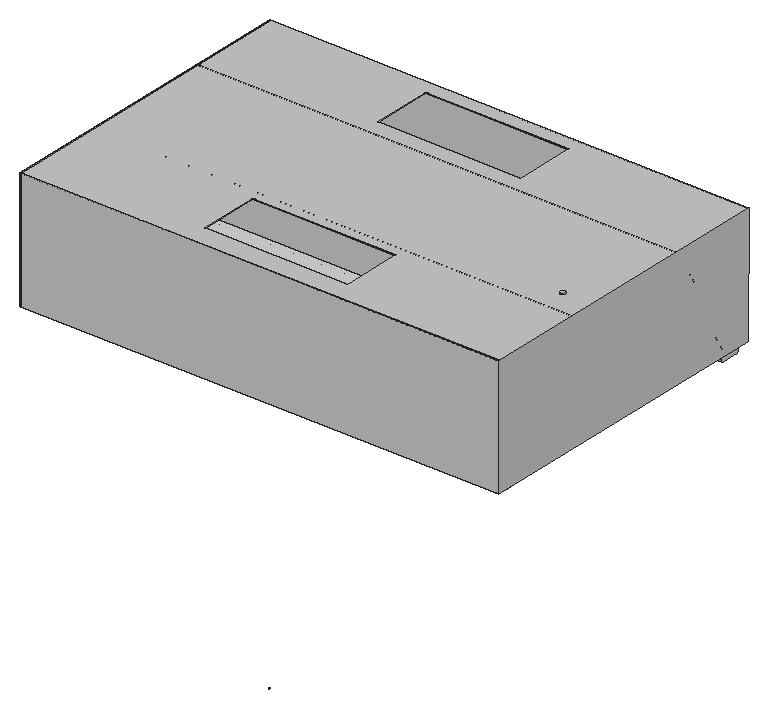
Revit family "QF_ELECTROLUXPROFESSIONAL_640229_STPF1320", category Attrezzature speciali, Revit 2021
Family settings
  Quota connettore circolare = Usa diametro
  Tipo di parte = Normale
  Basato su piano di lavoro = No
  Sempre verticale = Sì
  Taglio con vuoti quando caricato = No
  Condiviso = No
  Punto di calcolo locali = No
Parameters (values of type "Standard")
  Weight = 133.00 kg
  Watts = 160 W
  Volts = 220 V
  URL Manufacturer = "https://www.electroluxprofessional.com/"
  URL = "https://www.electroluxprofessional.com/"
  Steam Supply Size = 0 mm
  Steam Supply Minimum Pressure = 0.0 Pa
  Steam Supply Maximum Pressure = 0.0 Pa
  Steam Consumption per Hour = 0
  Refrigeration Suction Line Size = 0 mm
  Refrigeration Liquid Line Size = 0 mm
  Refrigerant Compressor Remote = yes
  Prospetto di default = 0 mm
  Produttore = "Electrolux Professional"
  Phase = 1
  Modello = "STPF1320"
  Length Actual = 2000 mm  # constant formula
  Item Number = "640229"
  Hot Water Size = 0 mm
  Height Actual = 500 mm  # constant formula
  HP = "0.2 HP"
  Gas Size = 0 mm
  Gas KW = 0
  Gas Input Pressure = 0 W
  Direct Waste Size = 0 mm
  Descrizione = "304 S/S WALL HOOD+FILTERS+LAMPS 200X130"
  Depth Actual = 1300 mm  # constant formula
  Cycle = 50 Hz
  Condensate Return Size = 0 mm
  Compressed Air Volume = 0.0 L/s
  Compressed Air Size = 0 mm
  Compressed Air Pressure = 0.0 Pa
  Cold Water Size = 0 mm
  Accessory = yes
Reference planes
  plane 1: z = 0
  plane 2 "Center (Left/Right)": x = 150
  plane 3 "LEFT": x = -850
  plane 4 "RIGHT": x = 1150
  plane 5 "BACK": y = 550
  plane 6 "TOP": z = 2500
  plane 7 "Base": z = 2000
  plane 8: z = 1955
  plane 9 "DrainY": y = 490
  plane 10: x = -847
  plane 11 "DrainX": x = 1030
  plane 12 "AOLeft2": x = 450
  plane 13: x = 1147
  plane 14: x = -650
  plane 15: x = 950
  plane 16 "Center (Front/Back)": y = -100
  plane 17 "Front": y = -750
  plane 18 "AOLeft1": x = -150
  plane 19: y = -664
  plane 20: y = -414
  plane 21: y = 240
  plane 22: y = 490
  plane 23 "EI_y": y = -270
  plane 24 "EIx": x = 1030
Forms (mm)
  Extrusion 1, solid, material "QF_Finishes_Stainless Steel"
    sketch origin (-850, 0, 360) x (0, 1, 0) y (0, 0, 1)
      loop
        line (550, 1640) -> (550, 2140) -> (-750, 2140) -> (-750, 1640) -> (550, 1640)
    from 0 to 3
  Extrusion 2, solid, material "QF_Finishes_Stainless Steel"
    sketch origin (1150, 0, 360) x (0, 1, 0) y (0, 0, 1)
      loop
        line (550, 1640) -> (550, 2140) -> (-750, 2140) -> (-750, 1640) -> (550, 1640)
    from 0 to -3
  Extrusion 3, solid, material "QF_Finishes_Stainless Steel"
    sketch origin (150, 0, 360) x (0, 1, 0) y (0, 0, 1)
      loop
        line (-750, 2140) -> (-750, 1640) -> (-740, 1640) -> (-740, 1640.8) -> (-749.2, 1640.8) -> (-749.2, 2139.19) -> (549.2, 2139.19) -> (549.2, 1640.8) -> (540, 1640.8) -> (540, 1640) -> (550, 1640) -> (550, 2140) -> (-750, 2140)
    from -1000 to 1000
  Extrusion 4, solid, material "QF_Finishes_Stainless Steel"
    sketch origin (0, 0, 2000) x (0, 1, 0) y (-1, 0, 0)
      loop
        circle (490, -1030) r 4.763
    from -30 to 0
  Extrusion 5, void
    sketch origin (0, 0, 2500) x (0, 1, 0) y (-1, 0, 0)
      loop
        line (-414, -450) -> (-414, 150) -> (-664, 150) -> (-664, -450) -> (-414, -450)
    from 0 to -10
  Extrusion 6, solid, material "QF_Finishes_Stainless Steel"
    sketch origin (0, 0, 0) x (1, 0, 0) y (0, 1, 0)
      loop
        line (-850, 550) -> (-850, 549) -> (-849, 549) -> (-849, 550) -> (-850, 550)
    from 0 to 1
  Extrusion 7, solid, material "QF_LAMPS"
    sketch origin (150, 0, 360) x (0, 1, 0) y (0, 0, 1)
      loop
        line (-372.823, 1962.324) -> (-218.948, 2086.929) -> (-227.129, 2097.032) -> (-381.003, 1972.426) -> (-372.823, 1962.324)
    from 997 to -997
  Extrusion 8, solid, material "QF_Finishes_Stainless Steel"
    sketch origin (150, 0, 360) x (0, 1, 0) y (0, 0, 1)
      loop
        line (-750, 2139.19) -> (-750, 1640) -> (-686.602, 1640) -> (-599.146, 1690.493) -> (-610.058, 1709.394) -> (-666.564, 1676.77) -> (-714.704, 1680.982) -> (-749.2, 1730.248) -> (-749.2, 2139.19) -> (-750, 2139.19)
      loop
        line (-373.6, 1961.694) -> (-381.937, 1971.99) -> (-369.095, 1982.182) -> (-369.095, 2139.19) -> (-369.895, 2139.19) -> (-369.895, 1982.569) -> (-682.298, 1734.63) -> (-671.091, 1720.79) -> (-373.6, 1961.694)
      loop
        line (-227.61, 2099.216) -> (-218.171, 2087.559) -> (-154.411, 2139.19) -> (-155.682, 2139.19) -> (-218.052, 2088.684) -> (-226.989, 2099.719) -> (-227.61, 2099.216)
    from -997 to 997
  Sweep 9, solid, material "QF_Finishes_Stainless Steel"
    path origin (0, 0, 0) x (1, 0, 0) y (0, 1, 0)
      loop
        line (1150, 550) -> (-850, 550) -> (-850, -750) -> (1150, -750) -> (1150, 550)
    profile origin (1150, -100, 0) x (1, 0, 0) y (0, 0, 1)
      loop
        line (-3, 2000) -> (-3, 2000.8) -> (-19, 2000.8) -> (-19, 2010) -> (-20, 2010) -> (-20, 2000) -> (-3, 2000)
  Extrusion 10, solid, material "QF_Finishes_Stainless Steel"
    sketch origin (150, 0, 0) x (0, 1, 0) y (0, 0, 1)
      loop
        line (414.66, 2095.469) -> (440.643, 2110.471) -> (261.744, 2411.771) -> (235.948, 2396.455) -> (414.66, 2095.469)
    from -997 to -800
  Extrusion 11, solid, material "QF_Finishes_Stainless Steel"
    sketch origin (1030, 0, 0) x (0, 1, 0) y (0, 0, 1)
      loop
        line (539, 2000) -> (441, 2000) -> (441, 1989) -> (448.5, 1989) -> (448.5, 1965)
        arc (448.5, 1965) -> (451.429, 1957.929) -> (458.5, 1955) r 10
        line (458.5, 1955) -> (521.5, 1955)
        arc (521.5, 1955) -> (528.571, 1957.929) -> (531.5, 1965) r 10
        line (531.5, 1965) -> (531.5, 1989) -> (539, 1989) -> (539, 2000)
    from 90 to -90
  Extrusion 12, solid, material "QF_Finishes_Stainless Steel"
    sketch origin (150, 0, 360) x (0, 1, 0) y (0, 0, 1)
      loop
        line (-750, 2139.19) -> (-750, 1640) -> (-686.602, 1640) -> (-599.146, 1690.493) -> (-610.058, 1709.394) -> (-666.564, 1676.77) -> (-714.704, 1680.982) -> (-749.2, 1730.248) -> (-749.2, 2139.19) -> (-750, 2139.19)
      loop
        line (-373.6, 1961.694) -> (-381.937, 1971.99) -> (-369.095, 1982.182) -> (-369.095, 2139.19) -> (-369.895, 2139.19) -> (-369.895, 1982.569) -> (-682.298, 1734.63) -> (-671.091, 1720.79) -> (-373.6, 1961.694)
      loop
        line (-227.61, 2099.216) -> (-218.171, 2087.559) -> (-154.411, 2139.19) -> (-155.682, 2139.19) -> (-218.052, 2088.684) -> (-226.989, 2099.719) -> (-227.61, 2099.216)
    from -997 to 997
  Extrusion 13, solid, material "QF_Finishes_Stainless Steel"
    sketch origin (150, 0, 0) x (0, 1, 0) y (0, 0, 1)
      loop
        line (414.66, 2095.469) -> (440.643, 2110.471) -> (261.744, 2411.771) -> (235.948, 2396.455) -> (414.66, 2095.469)
    from 800 to 997
  Extrusion 14, solid, material "QF_Finished_Chrome"
    sketch origin (150, 0, 0) x (0, 1, 0) y (0, 0, 1)
      loop
        line (414.66, 2095.469) -> (440.643, 2110.471) -> (261.744, 2411.771) -> (235.948, 2396.455) -> (414.66, 2095.469)
    from -800 to 800
  Extrusion 15, void
    sketch origin (0, 1180, 2500) x (0, 1, 0) y (-1, 0, 0)
      loop
        line (-690, -450) -> (-690, 150) -> (-940, 150) -> (-940, -450) -> (-690, -450)
    from 0 to -10
  Extrusion 16, solid, material "QF_Finishes_Stainless Steel"
    sketch origin (0, 0, 2500) x (0, 1, 0) y (-1, 0, 0)
      loop
        circle (-270, -1030) r 10
    from 0 to 1.6
  Extrusion 17, solid, material "QF_Finishes_Stainless Steel"
    sketch origin (150, 0, 360) x (0, 1, 0) y (0, 0, 1)
      loop
        line (430.005, 1640) -> (540, 1640) -> (540, 1640.8) -> (430.467, 1640.8) -> (371.906, 1742.23) -> (414.858, 1734.657) -> (442.266, 1750.481) -> (442.266, 1765.943) -> (441.466, 1765.943) -> (441.466, 1750.943) -> (414.709, 1735.495) -> (321.153, 1751.991) -> (320.875, 1750.416) -> (371.4, 1741.507) -> (430.005, 1640)
      loop
        line (172.529, 2139.19) -> (242.893, 2017.316) -> (245.133, 2018.715) -> (240.13, 2027.381) -> (238.569, 2026.405) -> (173.453, 2139.19) -> (172.529, 2139.19)
    from -997 to 997
Cuts and joins
  Extrusion 5, Extrusion 15 cuts Extrusion 3
  joined: Extrusion 2, Extrusion 3, Sweep 9
Lines and regions (mm)
  symbolic lines, style "SpecialityEquipment", detail levels coarse
    curve 1: line (1150, 550, 2500) -> (-850, 550, 2500)
    curve 2: line (-850, 550, 2500) -> (-850, -750, 2500)
    curve 3: line (1150, -750, 2500) -> (1150, 550, 2500)
    curve 4: line (-850, 550, 0) -> (1150, -750, 0)
    curve 5: line (1150, 550, 0) -> (-850, -750, 0)
    curve 6: line (-850, -750, 0) -> (1150, -750, 0)
    curve 7: line (450, -414, 0) -> (-150, -414, 0)
    curve 8: line (450, -664, 0) -> (450, -414, 0)
    curve 9: line (-150, -664, 0) -> (450, -664, 0)
    curve 10: line (-150, -414, 0) -> (-150, -664, 0)
  symbolic lines, detail levels coarse
    curve 11: line (-150, 240, 2500) -> (450, 240, 2500)
    curve 12: line (-150, 490, 2500) -> (-150, 240, 2500)
    curve 13: line (450, 490, 2500) -> (-150, 490, 2500)
    curve 14: line (450, 240, 2500) -> (450, 490, 2500)
Dimensions and locks
  plane 3 "LEFT" to plane 4 "RIGHT" = 2000 mm
  equal spacing: plane 3 "LEFT", plane 2 "Center (Left/Right)", plane 4 "RIGHT"
  plane 7 "Base" to plane 8 = 45 mm
  plane 5 "BACK" to plane 9 "DrainY" = 60 mm  (x2)
  plane 3 "LEFT" to plane 10 = 3 mm
  plane 11 "DrainX" to plane 4 "RIGHT" = 120 mm
  plane 13 to plane 4 "RIGHT" = 3 mm
  plane 3 "LEFT" to plane 14 = 200 mm
  plane 15 to plane 4 "RIGHT" = 200 mm
  locked: plane 7 "Base" to level at 2000
  locked: plane 6 "TOP" to plane 7 "Base" at 500
  locked: plane 5 "BACK" to plane 17 "Front" at 1300
  equal spacing: plane 5 "BACK", plane 16 "Center (Front/Back)", plane 17 "Front"
  locked: plane 20 to plane 19 at 250
  plane 19 to plane 17 "Front" = 86 mm
  locked: plane 22 to plane 21 at 250
  plane 5 "BACK" to plane 22 = 60 mm
  locked: plane 23 "EI_y" to plane 17 "Front" at 480
  locked: plane 24 "EIx" to plane 4 "RIGHT" at 120
  locked: plane 18 "AOLeft1" to plane 12 "AOLeft2" at 600
  equal spacing: plane 18 "AOLeft1", plane 2 "Center (Left/Right)", plane 12 "AOLeft2"
  plane 5 "BACK" to plane 17 "Front" = 1300 mm
  aligned and locked: level to plane 1
  aligned and locked: plane 4 "RIGHT" to Extrusion 3
  aligned and locked: Extrusion 3 to plane 3 "LEFT"
  aligned and locked: Extrusion 2 to plane 13
  aligned and locked: Extrusion 10 to plane 10
  aligned and locked: Extrusion 8 to plane 10
  aligned and locked: plane 13 to Extrusion 8
  aligned and locked: Extrusion 5 to plane 18 "AOLeft1"
  aligned and locked: Extrusion 5 to plane 12 "AOLeft2"
  aligned and locked: plane 14 to Extrusion 10
  aligned and locked: plane 15 to Extrusion 13
  aligned and locked: plane 13 to Extrusion 13
  aligned and locked: Extrusion 14 to plane 14
  aligned and locked: Extrusion 14 to plane 15
  aligned and locked: plane 13 to Extrusion 7
  aligned and locked: Extrusion 7 to plane 10
  aligned and locked: Extrusion 15 to plane 21
  aligned and locked: plane 22 to Extrusion 15
  aligned and locked: Extrusion 15 to plane 18 "AOLeft1"
  aligned and locked: Extrusion 15 to plane 12 "AOLeft2"
  aligned and locked: Extrusion 17 to plane 10
  aligned and locked: plane 13 to Extrusion 17
  aligned and locked: plane 13 to Extrusion 12
  aligned and locked: Extrusion 12 to plane 10
  aligned and locked: cut or joined group of Extrusion 2, Extrusion 3, Extrusion 5, Sweep 9, Extrusion 15 to curve 7
  aligned and locked: cut or joined group of Extrusion 2, Extrusion 3, Extrusion 5, Sweep 9, Extrusion 15 to plane 19
  aligned and locked: curve 9 to plane 19
Automatic sketch dimensions
  curve 6 to plane 3 "LEFT" = 0 mm
  curve 4 to plane 3 "LEFT" = 0 mm
  curve 10 to plane 18 "AOLeft1" = 0 mm
  curve 8 to plane 12 "AOLeft2" = 0 mm
  curve 5 to plane 4 "RIGHT" = 0 mm
  curve 6 to plane 4 "RIGHT" = 0 mm
  curve 4 to plane 17 "Front" = 0 mm
  curve 4 to plane 5 "BACK" = 0 mm
  curve 5 to plane 5 "BACK" = 0 mm
  curve 2 to plane 3 "LEFT" = 0 mm
  curve 2 to plane 17 "Front" = 0 mm
  curve 3 to plane 4 "RIGHT" = 0 mm
  curve 3 to plane 17 "Front" = 0 mm
  curve 2 to plane 5 "BACK" = 0 mm
  Extrusion 1 sketch curve to plane 7 "Base" = 0 mm
  Extrusion 1 sketch curve to plane 17 "Front" = 0 mm
  Extrusion 1 sketch curve to plane 5 "BACK" = 0 mm
  Extrusion 1 sketch curve to plane 6 "TOP" = 0 mm
  Extrusion 2 sketch curve to plane 7 "Base" = 0 mm
  Extrusion 2 sketch curve to plane 17 "Front" = 0 mm
  Extrusion 2 sketch curve to plane 5 "BACK" = 0 mm
  Extrusion 2 sketch curve to plane 6 "TOP" = 0 mm
  Extrusion 3 sketch curve to plane 6 "TOP" = 0 mm
  Extrusion 3 sketch curve to plane 17 "Front" = 0 mm
  Extrusion 3 sketch curve to plane 7 "Base" = 0 mm  (x2)
  Extrusion 3 sketch curve to plane 5 "BACK" = 0 mm
  plane 17 "Front" to Extrusion 3 sketch curve = 0.8 mm
  Extrusion 3 sketch curve to Extrusion 3 sketch curve = 9.2 mm
  plane 7 "Base" to Extrusion 3 sketch curve = 0.8 mm  (x2)
  Extrusion 3 sketch curve to plane 5 "BACK" = 10 mm
  Extrusion 3 sketch curve to plane 5 "BACK" = 0.8 mm
  Extrusion 3 sketch curve to plane 6 "TOP" = 0.81 mm
  Extrusion 4 sketch curve to plane 9 "DrainY" = 0 mm
  Extrusion 4 sketch curve to plane 11 "DrainX" = 0 mm
  Extrusion 5 sketch curve to plane 12 "AOLeft2" = 0 mm
  Extrusion 5 sketch curve to plane 18 "AOLeft1" = 0 mm
  plane 19 to Extrusion 5 sketch curve = 0 mm
  Extrusion 5 sketch curve to plane 23 "EI_y" = 144 mm
  Extrusion 6 sketch curve to plane 3 "LEFT" = 0 mm
  Extrusion 6 sketch curve to plane 5 "BACK" = 0 mm
  plane 3 "LEFT" to Extrusion 6 sketch curve = 1 mm
  Extrusion 6 sketch curve to Extrusion 6 sketch curve = 1 mm
  plane 20 to Extrusion 7 sketch curve = 32.997 mm
  Extrusion 7 sketch curve to Extrusion 7 sketch curve = 8.181 mm  (x2)
  plane 23 "EI_y" to Extrusion 7 sketch curve = 42.871 mm
  Extrusion 7 sketch curve to plane 6 "TOP" = 177.676 mm
  Extrusion 7 sketch curve to Extrusion 7 sketch curve = 10.102 mm
  Extrusion 7 sketch curve to plane 6 "TOP" = 53.071 mm
  Extrusion 7 sketch curve to Extrusion 7 sketch curve = 10.103 mm
  Extrusion 8 sketch curve to plane 7 "Base" = 0 mm
  Extrusion 8 sketch curve to plane 17 "Front" = 0 mm
  Extrusion 8 sketch curve to Extrusion 8 sketch curve = 0.8 mm  (x2)
  plane 17 "Front" to Extrusion 8 sketch curve = 35.296 mm
  Extrusion 8 sketch curve to plane 19 = 22.602 mm
  Extrusion 8 sketch curve to plane 19 = 18.298 mm
  Extrusion 8 sketch curve to plane 19 = 7.091 mm
  Extrusion 8 sketch curve to plane 19 = 2.564 mm
  plane 19 to Extrusion 8 sketch curve = 53.942 mm
  Extrusion 8 sketch curve to Extrusion 8 sketch curve = 10.912 mm
  plane 20 to Extrusion 8 sketch curve = 32.063 mm
  Extrusion 8 sketch curve to Extrusion 8 sketch curve = 8.337 mm
  Extrusion 8 sketch curve to Extrusion 8 sketch curve = 12.042 mm
  plane 23 "EI_y" to Extrusion 8 sketch curve = 42.39 mm
  Extrusion 8 sketch curve to Extrusion 8 sketch curve = 0.622 mm
  Extrusion 8 sketch curve to Extrusion 8 sketch curve = 9.44 mm
  Extrusion 8 sketch curve to Extrusion 8 sketch curve = 0.118 mm
  Extrusion 8 sketch curve to plane 6 "TOP" = 0.81 mm  (x3)
  Extrusion 8 sketch curve to plane 16 "Center (Front/Back)" = 55.682 mm
  Extrusion 8 sketch curve to Extrusion 8 sketch curve = 1.271 mm
  plane 7 "Base" to Extrusion 8 sketch curve = 36.77 mm
  plane 7 "Base" to Extrusion 8 sketch curve = 40.982 mm
  plane 7 "Base" to Extrusion 8 sketch curve = 50.493 mm
  Extrusion 8 sketch curve to Extrusion 8 sketch curve = 18.901 mm
  Extrusion 8 sketch curve to Extrusion 8 sketch curve = 44.02 mm
  Extrusion 8 sketch curve to Extrusion 8 sketch curve = 49.266 mm
  Extrusion 8 sketch curve to Extrusion 8 sketch curve = 13.84 mm
  Extrusion 8 sketch curve to plane 6 "TOP" = 178.306 mm
  Extrusion 8 sketch curve to Extrusion 8 sketch curve = 10.296 mm
  Extrusion 8 sketch curve to Extrusion 8 sketch curve = 10.192 mm
  Extrusion 8 sketch curve to Extrusion 8 sketch curve = 0.386 mm
  Extrusion 8 sketch curve to plane 6 "TOP" = 52.441 mm
  Extrusion 8 sketch curve to Extrusion 8 sketch curve = 1.125 mm
  Sweep 9 sketch curve to plane 3 "LEFT" = 0 mm
  Sweep 9 sketch curve to plane 4 "RIGHT" = 0 mm
  Sweep 9 sketch curve to plane 17 "Front" = 0 mm
  Sweep 9 sketch curve to plane 5 "BACK" = 0 mm
  profile plane to Sweep 9 sketch curve = 20 mm
  Sweep 9 sketch curve to Sweep 9 sketch curve = 1 mm
  profile plane to Sweep 9 sketch curve = 3 mm
  level to Sweep 9 sketch curve = 2000 mm
  Sweep 9 sketch curve to Sweep 9 sketch curve = 0.8 mm
  Sweep 9 sketch curve to Sweep 9 sketch curve = 9.2 mm
  Extrusion 10 sketch curve to plane 21 = 4.052 mm
  plane 21 to Extrusion 10 sketch curve = 21.744 mm
  Extrusion 10 sketch curve to plane 9 "DrainY" = 75.34 mm
  Extrusion 10 sketch curve to Extrusion 10 sketch curve = 25.983 mm
  plane 7 "Base" to Extrusion 10 sketch curve = 95.469 mm
  Extrusion 10 sketch curve to Extrusion 10 sketch curve = 15.001 mm
  Extrusion 10 sketch curve to plane 6 "TOP" = 103.545 mm
  Extrusion 10 sketch curve to Extrusion 10 sketch curve = 15.316 mm
  Extrusion 12 sketch curve to plane 7 "Base" = 0 mm
  Extrusion 12 sketch curve to plane 17 "Front" = 0 mm
  Extrusion 12 sketch curve to Extrusion 12 sketch curve = 0.8 mm  (x2)
  plane 17 "Front" to Extrusion 12 sketch curve = 35.296 mm
  Extrusion 12 sketch curve to plane 19 = 22.602 mm
  Extrusion 12 sketch curve to plane 19 = 18.298 mm
  Extrusion 12 sketch curve to plane 19 = 7.091 mm
  Extrusion 12 sketch curve to plane 19 = 2.564 mm
  plane 19 to Extrusion 12 sketch curve = 53.942 mm
  Extrusion 12 sketch curve to Extrusion 12 sketch curve = 10.912 mm
  plane 20 to Extrusion 12 sketch curve = 32.063 mm
  Extrusion 12 sketch curve to Extrusion 12 sketch curve = 8.337 mm
  Extrusion 12 sketch curve to plane 6 "TOP" = 0.81 mm  (x3)
  plane 20 to Extrusion 12 sketch curve = 44.105 mm
  plane 23 "EI_y" to Extrusion 12 sketch curve = 42.39 mm
  Extrusion 12 sketch curve to Extrusion 12 sketch curve = 0.622 mm
  Extrusion 12 sketch curve to Extrusion 12 sketch curve = 9.44 mm
  Extrusion 12 sketch curve to Extrusion 12 sketch curve = 0.118 mm
  Extrusion 12 sketch curve to plane 16 "Center (Front/Back)" = 55.682 mm
  Extrusion 12 sketch curve to Extrusion 12 sketch curve = 1.271 mm
  plane 7 "Base" to Extrusion 12 sketch curve = 36.77 mm
  plane 7 "Base" to Extrusion 12 sketch curve = 40.982 mm
  plane 7 "Base" to Extrusion 12 sketch curve = 50.493 mm
  Extrusion 12 sketch curve to Extrusion 12 sketch curve = 18.901 mm
  Extrusion 12 sketch curve to Extrusion 12 sketch curve = 44.02 mm
  Extrusion 12 sketch curve to Extrusion 12 sketch curve = 49.266 mm
  Extrusion 12 sketch curve to Extrusion 12 sketch curve = 13.84 mm
  Extrusion 12 sketch curve to Extrusion 12 sketch curve = 177.496 mm
  Extrusion 12 sketch curve to Extrusion 12 sketch curve = 10.296 mm
  Extrusion 12 sketch curve to Extrusion 12 sketch curve = 10.192 mm
  Extrusion 12 sketch curve to Extrusion 12 sketch curve = 0.386 mm
  Extrusion 12 sketch curve to plane 6 "TOP" = 52.441 mm
  Extrusion 12 sketch curve to Extrusion 12 sketch curve = 1.125 mm
  Extrusion 13 sketch curve to plane 21 = 4.052 mm
  plane 21 to Extrusion 13 sketch curve = 21.744 mm
  Extrusion 13 sketch curve to plane 9 "DrainY" = 75.34 mm
  Extrusion 13 sketch curve to Extrusion 13 sketch curve = 25.983 mm
  plane 7 "Base" to Extrusion 13 sketch curve = 95.469 mm
  Extrusion 13 sketch curve to Extrusion 13 sketch curve = 15.001 mm
  Extrusion 13 sketch curve to plane 6 "TOP" = 103.545 mm
  Extrusion 13 sketch curve to Extrusion 13 sketch curve = 15.316 mm
  Extrusion 14 sketch curve to plane 21 = 4.052 mm
  plane 21 to Extrusion 14 sketch curve = 21.744 mm
  Extrusion 14 sketch curve to plane 9 "DrainY" = 75.34 mm
  Extrusion 14 sketch curve to Extrusion 14 sketch curve = 25.983 mm
  plane 7 "Base" to Extrusion 14 sketch curve = 95.469 mm
  Extrusion 14 sketch curve to Extrusion 14 sketch curve = 15.001 mm
  Extrusion 14 sketch curve to plane 6 "TOP" = 103.545 mm
  Extrusion 14 sketch curve to Extrusion 14 sketch curve = 15.316 mm
  Extrusion 15 sketch curve to plane 12 "AOLeft2" = 0 mm
  Extrusion 15 sketch curve to plane 21 = 0 mm
  Extrusion 15 sketch curve to plane 9 "DrainY" = 0 mm
  Extrusion 15 sketch curve to plane 18 "AOLeft1" = 0 mm
  Extrusion 16 sketch curve to plane 23 "EI_y" = 0 mm
  Extrusion 16 sketch curve to plane 24 "EIx" = 0 mm
  Extrusion 17 sketch curve to plane 7 "Base" = 0 mm
  Extrusion 17 sketch curve to plane 9 "DrainY" = 47.734 mm
  Extrusion 17 sketch curve to Extrusion 17 sketch curve = 0.8 mm
  plane 9 "DrainY" to Extrusion 17 sketch curve = 50 mm
  plane 7 "Base" to Extrusion 17 sketch curve = 0.8 mm
  Extrusion 17 sketch curve to Extrusion 17 sketch curve = 109.533 mm
  Extrusion 17 sketch curve to Extrusion 17 sketch curve = 0.462 mm  (x2)
  Extrusion 17 sketch curve to Extrusion 17 sketch curve = 26.608 mm
  Extrusion 17 sketch curve to Extrusion 17 sketch curve = 0.148 mm
  Extrusion 17 sketch curve to Extrusion 17 sketch curve = 42.803 mm
  Extrusion 17 sketch curve to Extrusion 17 sketch curve = 0.506 mm
  Extrusion 17 sketch curve to Extrusion 17 sketch curve = 50.247 mm
  Extrusion 17 sketch curve to Extrusion 17 sketch curve = 0.278 mm
  plane 21 to Extrusion 17 sketch curve = 5.133 mm
  Extrusion 17 sketch curve to Extrusion 17 sketch curve = 2.24 mm
  plane 21 to Extrusion 17 sketch curve = 0.13 mm
  Extrusion 17 sketch curve to plane 21 = 1.431 mm
  Extrusion 17 sketch curve to plane 6 "TOP" = 0.81 mm
  Extrusion 17 sketch curve to plane 21 = 66.547 mm
  Extrusion 17 sketch curve to Extrusion 17 sketch curve = 0.924 mm
  plane 7 "Base" to Extrusion 17 sketch curve = 94.657 mm
  Extrusion 17 sketch curve to Extrusion 17 sketch curve = 0.838 mm
  Extrusion 17 sketch curve to Extrusion 17 sketch curve = 6.012 mm
  Extrusion 17 sketch curve to Extrusion 17 sketch curve = 0.723 mm
  Extrusion 17 sketch curve to Extrusion 17 sketch curve = 14.986 mm
  Extrusion 17 sketch curve to Extrusion 17 sketch curve = 15 mm
  Extrusion 17 sketch curve to plane 6 "TOP" = 122.684 mm
  Extrusion 17 sketch curve to Extrusion 17 sketch curve = 1.399 mm
  Extrusion 17 sketch curve to Extrusion 17 sketch curve = 9.089 mm
  Extrusion 17 sketch curve to Extrusion 17 sketch curve = 0.975 mm
  curve 11 to plane 18 "AOLeft1" = 0 mm
  curve 11 to plane 21 = 0 mm
  curve 12 to plane 9 "DrainY" = 0 mm
  curve 11 to plane 12 "AOLeft2" = 0 mm
  Extrusion 11 sketch curve to plane 8 = 0 mm
  Extrusion 11 sketch curve to plane 7 "Base" = 11 mm  (x2)
  Extrusion 11 sketch curve to plane 9 "DrainY" = 49 mm
  Extrusion 11 sketch curve to Extrusion 11 sketch curve = 7.5 mm  (x2)
  Extrusion 11 sketch curve to Extrusion 11 sketch curve = 10 mm
  Extrusion 11 sketch curve to plane 5 "BACK" = 28.5 mm
  Extrusion 11 sketch curve to plane 5 "BACK" = 18.5 mm
  plane 7 "Base" to Extrusion 11 sketch curve = 0 mm
  radius of Extrusion 4 sketch curve = 4.763 mm
  radius of Extrusion 16 sketch curve = 10 mm
Connectors
  piping at (1030, 490, 1970), diameter 9.5
    settings: on Extrusion 4, index 1, connector inside diameter 609.6 mm, connector length 0 mm, flow factor 0, pipe flow 0.0 L/s, pressure drop 0.0 Pa, fitting loss kfactor 0, connector angle 0.00°, fixture units 0, engagement length 0 mm, angle of deflection 0.00°, flow configuration 1, flow direction 2, fitting loss method 0, system type 16, joint type 0, gender type 0, connector reference index -1, connector utility 0, adjustable connector no, is connector primary yes, connector description "Drain"
  hvac at (150, -539, 2500)
    settings: on Extrusion 5, index 2, duct flow 0.0 L/s, flow factor 0, pres drop 0.0 Pa, loss coef 0, conn angle 0.00°, conn width 250 mm, conn height 600 mm, conn diameter 609.6 mm, duct sys type 1, conn prof type 1, flow config 1, flow direction 1, loss method 0, conn ref index -1, conn util no, is conn primary yes, conn desc "AIR INLET"
  hvac at (150, 365, 2500)
    settings: on Extrusion 15, index 4, duct flow 0.0 L/s, flow factor 0, pres drop 0.0 Pa, loss coef 0, conn angle 0.00°, conn width 250 mm, conn height 600 mm, conn diameter 609.6 mm, duct sys type 3, conn prof type 1, flow config 1, flow direction 2, loss method 0, conn ref index -1, conn util no, is conn primary no, conn desc "EXHAUST OUTLET"
  electrical at (1030, -270, 2501.6), driven by "Volts"
    settings: on Extrusion 16, index 6, voltage 220 V, apparent load 0 VA, apparent load phase1 0 VA, apparent load phase2 0 VA, apparent load phase3 0 VA, power factor 1, load classification "Other", number of poles 1, system type 30, power factor state 1, is connector primary yes, connector utility no, sub classification motor no, connector description "Electrical Connection"
